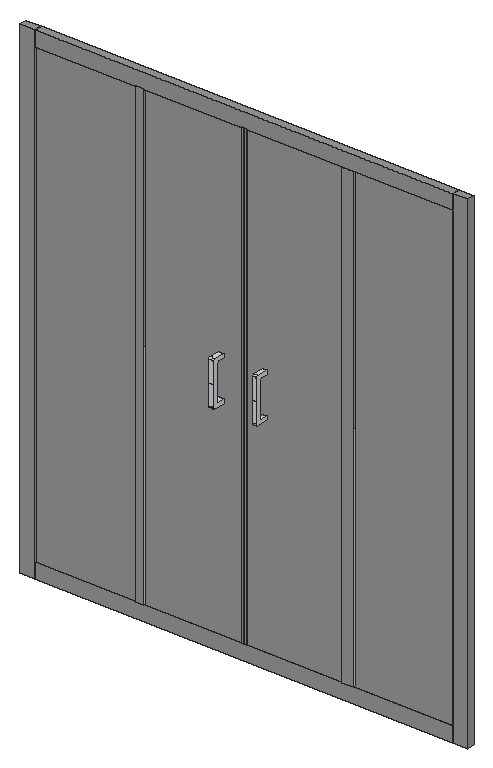
Revit family "MAMPARA CORREDERA CENTRAL STYLE 1800X1980", category Generic Models, Revit 2019
Family settings
  Can host rebar = No
  Round Connector Dimension = Use Diameter
  Part Type = Normal
  Work Plane-Based = No
  Always vertical = Yes
  Cut with Voids When Loaded = No
  Shared = No
  Room Calculation Point = No
Reference planes
  plane 1 "Center (Front/Back)": y = 0
  plane 2: z = 0
  plane 3 "Center (Left/Right)": x = 0
Forms (mm)
  Extrusion 1, solid
    sketch origin (0, 0, 0) x (1, 0, 0) y (0, 0, 1)
      loop
        line (0, 0) -> (60, 0) -> (60, 1980) -> (0, 1980) -> (0, 0)
      loop
        line (1800, 1980) -> (1740, 1980) -> (1740, 0) -> (1800, 0) -> (1800, 1980)
    from 0 to 30
  Extrusion 2, solid
    sketch origin (0, 0, 0) x (1, 0, 0) y (0, 0, 1)
      loop
        line (60, 1980) -> (60, 1920) -> (1740, 1920) -> (1740, 1980) -> (60, 1980)
      loop
        line (60, 0) -> (1740, 0) -> (1740, 60) -> (60, 60) -> (60, 0)
    from 0 to 30
  Extrusion 3, solid
    sketch origin (0, 0, 0) x (1, 0, 0) y (0, 0, 1)
      loop
        line (900, 60) -> (900, 1920) -> (890, 1920) -> (890, 60) -> (900, 60)
      loop
        line (1296.167, 60) -> (1343.025, 60) -> (1343.025, 990) -> (1343.025, 1920) -> (1296.167, 1920) -> (1296.167, 990) -> (1296.167, 60)
      loop
        line (466.628, 990) -> (466.628, 60) -> (496.914, 60) -> (496.914, 990) -> (496.914, 1920) -> (466.628, 1920) -> (466.628, 990)
    from 0 to 30
  Extrusion 4, solid
    sketch origin (0, 0, 0) x (1, 0, 0) y (0, 0, 1)
      loop
        line (900, 1920) -> (900, 60) -> (910, 60) -> (910, 1920) -> (900, 1920)
    from 0 to 30
  Extrusion 5, solid
    sketch origin (0, 0, 0) x (1, 0, 0) y (0, 0, 1)
      loop
        line (60, 1920) -> (60, 60) -> (1740, 60) -> (1740, 1920) -> (60, 1920)
    from 4.16 to 26.263
  Extrusion 6, solid
    sketch origin (0, 0, 0) x (0, 1, 0) y (0, 0, 1)
      loop
        line (-65, 990) -> (-65, 1060)
        arc (-65, 1060) -> (-63.536, 1063.536) -> (-60, 1065) r 5
        line (-60, 1065) -> (-30, 1065) -> (-30, 1080) -> (-75, 1080)
        arc (-75, 1080) -> (-78.536, 1078.536) -> (-80, 1075) r 5
        line (-80, 1075) -> (-80, 990) -> (-80, 905)
        arc (-80, 905) -> (-78.536, 901.464) -> (-75, 900) r 5
        line (-75, 900) -> (-30, 900) -> (-30, 915) -> (-60, 915)
        arc (-60, 915) -> (-63.536, 916.464) -> (-65, 920) r 5
        line (-65, 920) -> (-65, 990)
    from 977.566 to 993.407
  Extrusion 7, solid
    sketch origin (0, 0, 0) x (0, 1, 0) y (0, 0, 1)
      loop
        line (-65, 990) -> (-65, 1060)
        arc (-65, 1060) -> (-63.536, 1063.536) -> (-60, 1065) r 5
        line (-60, 1065) -> (-30, 1065) -> (-30, 1080) -> (-75, 1080)
        arc (-75, 1080) -> (-78.536, 1078.536) -> (-80, 1075) r 5
        line (-80, 1075) -> (-80, 990) -> (-80, 905)
        arc (-80, 905) -> (-78.536, 901.464) -> (-75, 900) r 5
        line (-75, 900) -> (-30, 900) -> (-30, 915) -> (-60, 915)
        arc (-60, 915) -> (-63.536, 916.464) -> (-65, 920) r 5
        line (-65, 920) -> (-65, 990)
    from 800.353 to 820.969
Dimensions and locks
  aligned and locked: level to plane 2
